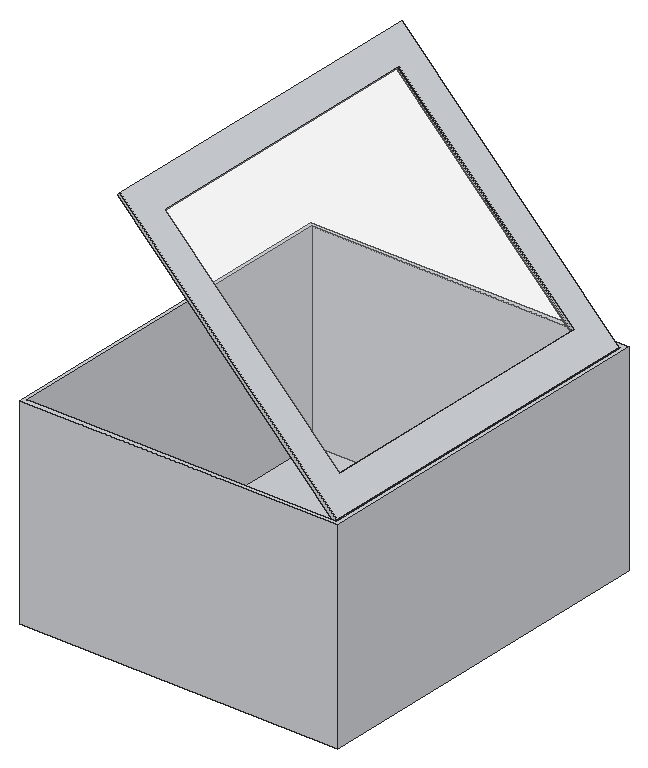
Revit family "Hager-Pedro-vuoto-IT-it", category Electrical Equipment, host Face, Revit 2020
Family settings
  Host = Face
  Panel Configuration = Two Columns, Circuits Across
  Round Connector Dimension = Use Diameter
  Part Type = Panelboard
  Cut with Voids When Loaded = No
  Shared = No
  Room Calculation Point = No
Parameters (values of type "A parete IP66 L264.7 A302.8 P167  Unità di divisione - B04621")
  Width Control [instance] = if([HG000006 - Ad incasso], if([EF000846 - larghezza di montaggio] > min_whd, [EF000846 - larghezza di montaggio], min_whd), if([EF000008 - Larghezza] > min_whd, ([EF000008 - Larghezza]), min_whd))  # 265 mm
  Void Depth [instance] = if([HG000006 - Ad incasso], Depth Control, 1 mm)  # 1 mm
  Type Comments = [HG000003 - Gamma]  # "Pedro"
  System Height [instance] = Height Control - 2 * [HG000005 - Spessore]  # 297 mm
  Model = [HG000004 - Codice produttore]  # "B04621"
  HG000017 - Distanza tra i poli = 18 mm
  HG000016 - Visibilità delle porte nella vista 3D [instance] = yes
  HG000015 - Visibilità attraverso la porta [instance] = no
  HG000014 - Porta destra [instance] = yes
  HG000013 - Porta sinistra [instance] = not([HG000014 - Porta destra])  # no
  HG000012 - Angolo di apertura della porta [instance] = 45.00°
  HG000011 - File vuote nella parte basse = no
  HG000010 - Porte asimmetriche = no
  HG000009 - Porta doppia a battente = no
  HG000008 - Numero di file vuote = 0
  HG000007 - Numero di colonne vuote = 0
  HG000006 - Ad incasso = no
  HG000005 - Spessore = 3 mm  # constant formula
  HG000004 - Codice produttore = "B04621"
  HG000003 - Gamma = "Pedro"
  HG000002 - Con porta = yes
  HG000001 - Numero di colonne = 0
  EF015941 - Segnale di passaggio porta = no
  EF015777 - Morsettiera neutra = no
  EF015776 - Morsettiera di terra = no
  EF009212 - esecuzione coperchio = "EV000116 - chiuso"
  EF006306 - con serratura = yes
  EF006244 - coperchio/porta trasparente = yes
  EF005474 - grado di protezione (IP) = "EV006422 - IP66"
  EF004462 - tipo di chiusura = "EV000154 - altri"
  EF002950 - Numero moduli DIN = 0
  EF001596 - Attacco Lampada = "EV000139 - plastica"
  EF001134 - barra DIN = no
  EF001131 - profondità interna = 137 mm
  EF001088 - possibilità di applicazione = yes
  EF001062 - esecuzione EMC = yes
  EF000846 - larghezza di montaggio = 0 mm
  EF000339 - tipo di copertura = "EV004216 - porta"
  EF000332 - Altezza della parte incassata = 0 mm
  EF000266 - numero di file = 0
  EF000218 - profondità di incasso = 0 mm
  EF000118 - con piastra di montaggio = no
  EF000116 - numero RAL = "7035"
  EF000049 - profondità = 167 mm
  EF000040 - Altezza = 303 mm
  EF000008 - Larghezza = 265 mm
  EF000007 - colore = "EV000270 - grigio"
  EF000003 - Tipo di montaggio = "EV000384 - A parete"
  Arrow Offset [instance] = Depth Control / 8  # 20.875 mm
  Arrow Height [instance] = Depth Control - Arrow Offset  # 146.125 mm
  Host Offset [instance] = if([HG000006 - Ad incasso], 0 mm, [EF000049 - profondità])  # 167 mm
  min_whd [instance] = (2 * [HG000005 - Spessore]) + 1 mm  # 7 mm
  Manufacturer = "Hager"  # constant formula
  Height Control [instance] = if([HG000006 - Ad incasso], if([EF000332 - Altezza della parte incassata] > min_whd, [EF000332 - Altezza della parte incassata], min_whd), if([EF000040 - Altezza] > min_whd, ([EF000040 - Altezza]), min_whd))  # 303 mm
  Flush Mounted - Door Frame Width [instance] = if(([EF000040 - Altezza] - [EF000332 - Altezza della parte incassata]) > 0 mm, if([HG000006 - Ad incasso], [EF000040 - Altezza] - [EF000332 - Altezza della parte incassata], 0 mm), 0 mm)  # 0 mm
  Depth Control [instance] = if([HG000006 - Ad incasso], if([EF000218 - profondità di incasso] > 0 mm, [EF000218 - profondità di incasso], 1 mm), if([EF000049 - profondità] > 0 mm, ([EF000049 - profondità]), 1 mm))  # 167 mm
  Default Elevation = 0 mm
Types (2, lengths in mm): name | Model | HG000004 - Codice produttore | EF006244 - coperchio/porta trasparente
  A parete IP66 L264.7 A302.8 P167  Unità di divisione - B04601 | "B04601" | "B04601" | no
  A parete IP66 L264.7 A302.8 P167  Unità di divisione - B04621 | "B04621" | "B04621" | yes
Reference planes
  plane 1 "Center (Front/Back)": y = 0
  plane 2: z = 0
  plane 3 "Center (Left/Right)": x = 0
  plane 4: z = 167
  plane 5: y = 3
  plane 6: z = 162
  plane 7: y = 151.5
  plane 8: y = 0
  plane 9: y = 303
  plane 10: z = 0
  plane 11: x = -132.5
  plane 12: x = 132.5
  plane 13: x = 129.5
  plane 14: x = -129.5
  plane 15: y = 300
  plane 16: z = 3
  plane 17: z = 164
  plane 18: z = -1
  plane 19: z = 164
Forms (mm)
  Extrusion 1, solid
    sketch origin (-583.045, 0, 1219.2) x (-1, 0, 0) y (0, 0, 1)
      loop
        line (-450.545, -1052.2) -> (-715.545, -1052.2) -> (-715.545, -1219.2) -> (-450.545, -1219.2) -> (-450.545, -1052.2)
    from 0 to 303 <- "Height Control"
  Extrusion 2, void
    sketch origin (-381.607, -4572, 167) x (0, -1, 0) y (-1, 0, 0)
      loop
        line (-4872, -252.107) -> (-4872, -511.107) -> (-4575, -511.107) -> (-4575, -252.107) -> (-4872, -252.107)
    from 0 to 164
  Extrusion 3, void
    sketch origin (0, 0, 0) x (1, 0, 0) y (0, 1, 0)
      loop
        line (-132.5, 0) -> (132.5, 0) -> (132.5, 303) -> (-132.5, 303) -> (-132.5, 0)
    from -1 to 1
  Extrusion 4, solid, detail levels coarse+medium
    sketch origin (-381.607, -4572, 167) x (-1, 0, 0) y (0, -1, 0)
      loop
        line (-252.107, -4872) -> (-252.107, -4575) -> (-511.107, -4575) -> (-511.107, -4872) -> (-252.107, -4872)
    from 0 to -3
Cuts and joins
  Extrusion 2 cuts Extrusion 1
Dimensions and locks
  plane 4 to plane 6 = 5 mm
  "Host Offset": plane 4 to host face
  "Flush Mounted - Door Frame Width": plane 1 "Center (Front/Back)" to plane 8
  "HG000005 - Spessore": plane 5 to plane 8
  locked: connector elem to plane 3 "Center (Left/Right)"
  "Height Control": plane 9 to plane 8
  equal spacing: plane 9, plane 7, plane 8
  locked: connector elem to plane 7
  "Depth Control": plane 4 to plane 10
  "HG000005 - Spessore": plane 11 to plane 14
  "HG000005 - Spessore": plane 12 to plane 13
  equal spacing: plane 11, plane 3 "Center (Left/Right)", plane 12
  "Width Control": plane 11 to plane 12
  "Arrow Offset": nested 4 to plane 10
  "HG000005 - Spessore": plane 9 to plane 15
  "HG000005 - Spessore": plane 16 to plane 10
  "HG000005 - Spessore": plane 4 to plane 17
  "Void Depth": plane 2 to plane 18
  "HG000005 - Spessore": plane 4 to plane 19
  aligned and locked: plane 2 to host face
  aligned and locked: level to host face
  aligned and locked: plane 3 "Center (Left/Right)" to nested 2
  aligned and locked: plane 4 to nested 2
  aligned and locked: plane 8 to nested 2
  aligned and locked: nested 1 to plane 6
  aligned and locked: plane 5 to nested 1
  aligned and locked: nested 4 to plane 11
  aligned and locked: nested 3 to plane 4
  aligned and locked: Extrusion 1 sketch curve to plane 12
  aligned and locked: Extrusion 1 sketch curve to plane 11
  aligned and locked: nested 3 to plane 10
  aligned and locked: plane 10 to Extrusion 1 sketch curve
  aligned and locked: plane 5 to Extrusion 2 sketch curve
  aligned and locked: Extrusion 2 sketch curve to plane 15
  aligned and locked: Extrusion 2 sketch curve to plane 14
  aligned and locked: Extrusion 2 sketch curve to plane 13
  aligned and locked: plane 11 to Extrusion 3 sketch curve
  aligned and locked: plane 9 to Extrusion 3 sketch curve
  aligned and locked: Extrusion 3 sketch curve to plane 8
  aligned and locked: plane 12 to Extrusion 3 sketch curve
  aligned and locked: nested 3 to plane 12
  aligned and locked: Extrusion 3 to plane 18
  aligned and locked: Extrusion 2 to plane 16
  aligned and locked: Extrusion 1 sketch curve to plane 4
  aligned and locked: Extrusion 4 to plane 17
  aligned and locked: Extrusion 4 sketch curve to plane 15
  aligned and locked: Extrusion 4 sketch curve to plane 13
  aligned and locked: Extrusion 4 sketch curve to plane 14
  aligned and locked: plane 5 to Extrusion 4 sketch curve
Automatic sketch dimensions
  host sketch curve to host sketch curve = 1469.727 mm
  host sketch curve to host sketch curve = 1434.803 mm
Nested families
  nested 1: "Hager_Enclosure_System" at (0, 3, 162) x (1, 0, 0) z (0, 1, 0), Depth <- "HG000005 - Spessore", Height <- "System Height", Width <- "EF000008 - Larghezza", Border <- "HG000005 - Spessore", Flush_Mounted <- "HG000006 - Ad incasso", Built-in_Width <- "EF000846 - larghezza di montaggio", Row_Module_Multiplicator <- "EF002950 - Numero moduli DIN", Total_No_Empty_Rows <- "HG000008 - Numero di file vuote", Total_No_Rows <- "EF000266 - numero di file", Empty_Columns <- "HG000007 - Numero di colonne vuote", Width_Control <- "Width Control", Empty_Rows_From_Bottom <- "HG000011 - File vuote nella parte basse", Distance_Between_Poles <- "HG000017 - Distanza tra i poli", Rows_Count <- "EF000266 - numero di file", Columns_Count <- "HG000001 - Numero di colonne", type "Hager_Enclosure_System", detail levels fine
    with Width_Control 265 mm, Width 265 mm, Total_No_Rows 0, Total_No_Empty_Rows 0, Total_No_Columns 1, System_Width 259 mm, Rows_Count 0, Rows_Column 0, Row_Module_Multiplicator 0, Panel_4 no, Panel_3 no, Panel_2 no, Panel_1 no, No_Panels_Ctrl 1, Hide_Columns yes, Height 297 mm, Flush_Mounted no, Empty_Rows_From_Bottom no, Empty_Rows_Column 0, Empty_Columns 0, Distance_Between_Poles 18 mm, Depth 3 mm, Columns_Count 0, Column_Width 259 mm, Built-in_Width 0 mm, Border 3 mm
  nested 2: "Hager_Enclosure_Door" at (0, 0, 167) x (1, 0, 0) z (0, 1, 0), Border <- "HG000005 - Spessore", Door_Right <- "HG000014 - Porta destra", Flush_Mounted <- "HG000006 - Ad incasso", Depth <- "EF000049 - profondità", Width <- "EF000008 - Larghezza", Door_Left <- "HG000013 - Porta sinistra", 3d_Door <- "HG000016 - Visibilità delle porte nella vista 3D", BuiltIn_Width <- "EF000846 - larghezza di montaggio", BuiltIn_Height <- "EF000332 - Altezza della parte incassata", BuiltIn_Depth <- "EF000218 - profondità di incasso", Angle <- "HG000012 - Angolo di apertura della porta", Assymetrical <- "HG000010 - Porte asimmetriche", Double <- "HG000009 - Porta doppia a battente", Clearance <- "HG000015 - Visibilità attraverso la porta", Transparent <- "EF006244 - coperchio/porta trasparente", Door <- "HG000002 - Con porta", Height_Ctrl <- "Height Control", Width_Ctrl <- "Width Control", Height <- "EF000040 - Altezza", type "Hager_Enclosure_Door", detail levels medium+fine
    with min_wh 7 mm, Width_Ctrl 265 mm, Width 265 mm, Transparent_Door_No_Bottom_Border no, Transparent yes, Leaf_Width 256 mm, Leaf_Tolerance 1.5 mm, Leaf_Height 294 mm, Leaf_2_Width 256 mm, Leaf_2_Offset 128 mm, Leaf_1_Width 256 mm, Leaf_1_Offset 128 mm, Height_Ctrl 303 mm, Height 303 mm, Frame_Width_Ctrl 265 mm, Frame_Width 265 mm, Frame_Internal_Offset 0 mm, Frame_Height_Ctrl 303 mm, Frame_Height 303 mm, Frame_Depth_Ctrl 1 mm, Frame_Depth 0 mm, Flush_Mounted no, Double_Clearance_Ctrl no, Double no, Door_Right_Ctrl yes, Door_Right yes, Door_Left_Ctrl no, Door_Left no, Door yes, Depth 167 mm, Clearance_Depth 256 mm, Clearance_Ctrl no, Clearance no, BuiltIn_Width 0 mm, BuiltIn_Height 0 mm, BuiltIn_Depth 0 mm, Border 3 mm, Assymetrical no, Angle 45.00°, 3d_Door yes
  nested 3: "Hager_Enclosure_Symbol_Triangle" at (-132.5, 0, 0) x (1, 0, 0) z (0, -1, 0), Depth <- "Depth Control", Width <- "Width Control", type "Hager_Enclosure_Symbol_Triangle"
    with Width_Ctrl 265 mm, Width 265 mm, Depth_Ctrl 167 mm, Depth 167 mm
  nested 4: "Hager_Enclosure_Symbol_Arrow" at (-132.5, 0, 20.875) x (1, 0, 0) z (0, -1, 0), Height <- "Arrow Height", type "Hager_Enclosure_Symbol_Arrow"
    with Width_Inside 10.959 mm, Width 131.513 mm, Height_Ctrl 146.125 mm, Height 146.125 mm
Connectors
  electrical at (0, 151.5, 0)
    settings: on plane 10, index 1, voltage 0 V, apparent load 0 VA, apparent load phase1 0 VA, apparent load phase2 0 VA, apparent load phase3 0 VA, power factor 1, load classification "Other", number of poles 1, system type 30, power factor state 1, is connector primary yes, connector utility no, sub classification motor no, connector description ""
Definition of nested family "Hager_Enclosure_Door"
  Parameters (values of type "Hager_Enclosure_Door")
    min_wh [instance] = (2 * Border) + 1 mm  # 11 mm
    Width_Ctrl [instance] = 400 mm
    Width [instance] = 500 mm
    Transparent_Door_No_Bottom_Border [instance] = no
    Transparent [instance] = yes
    Leaf_Width [instance] = if((Width_Ctrl - 2 * Border - 2 * Leaf_Tolerance) > 0 mm, (Width_Ctrl - 2 * Border - 2 * Leaf_Tolerance), min_wh)  # 387 mm
    Leaf_Tolerance [instance] = 1.5 mm  # constant formula
    Leaf_Height [instance] = if((Height_Ctrl - 2 * Border - 2 * Leaf_Tolerance) > 0 mm, (Height_Ctrl - 2 * Border - 2 * Leaf_Tolerance), min_wh)  # 387 mm
    Leaf_2_Width [instance] = if(and(and(Double, Assymetrical), Door_Left), (Leaf_Width / 3) - (Leaf_Tolerance / 2), if(and(and(Double, Assymetrical), Door_Right), (Leaf_Width / 3) * 2 - (Leaf_Tolerance / 2), if(and(Double, not(Assymetrical)), (Leaf_Width / 2) - Leaf_Tolerance, Leaf_Width)))  # 387 mm
    Leaf_2_Offset [instance] = if(and(Double, Assymetrical), Leaf_2_Width / 2, if(and(Double, not(Assymetrical)), Leaf_Width / 4, Leaf_Width / 2))  # 193.5 mm
    Leaf_1_Width [instance] = if(and(and(Double, Assymetrical), Door_Right), (Leaf_Width / 3) - (Leaf_Tolerance / 2), if(and(and(Double, Assymetrical), Door_Left), (Width / 3) * 2 - (Leaf_Tolerance / 2), if(and(Double, not(Assymetrical)), (Leaf_Width / 2) - Leaf_Tolerance, Leaf_Width)))  # 387 mm
    Leaf_1_Offset [instance] = if(and(Double, Assymetrical), Leaf_1_Width / 2, if(and(Double, not(Assymetrical)), Leaf_Width / 4, Leaf_Width / 2))  # 193.5 mm
    Height_Ctrl [instance] = 400 mm
    Height [instance] = 500 mm
    Frame_Width_Ctrl [instance] = if(Frame_Width > 0 mm, Frame_Width, 1 mm)  # 1 mm
    Frame_Width [instance] = Width - BuiltIn_Width  # 0 mm
    Frame_Internal_Offset [instance] = if(Flush_Mounted, Border, 0 mm)  # 5 mm
    Frame_Height_Ctrl [instance] = if(Frame_Height > 0 mm, Frame_Height, 1 mm)  # 1 mm
    Frame_Height [instance] = Height - BuiltIn_Height  # 0 mm
    Frame_Depth_Ctrl [instance] = if(Frame_Depth > 0 mm, Frame_Depth, 1 mm)  # 1 mm
    Frame_Depth [instance] = if(Depth - BuiltIn_Depth > 0 mm, if(Flush_Mounted, Depth - BuiltIn_Depth, 0 mm), 0 mm)  # 0 mm
    Flush_Mounted [instance] = yes
    Double_Clearance_Ctrl [instance] = and(Double, Clearance)  # no
    Double [instance] = no
    Door_Right_Ctrl [instance] = and(or(Door_Right, Double), Door)  # yes
    Door_Right [instance] = yes
    Door_Left_Ctrl [instance] = and(or(Door_Left, Double), Door)  # no
    Door_Left [instance] = no
    Door [instance] = yes
    Depth [instance] = 500 mm
    Default Elevation = 1219.2 mm
    Clearance_Material = none
    Clearance_Depth [instance] = if(Leaf_1_Width > Leaf_2_Width, Leaf_1_Width, Leaf_2_Width)  # 387 mm
    Clearance_Ctrl [instance] = and(not(Double), Clearance)  # yes
    Clearance [instance] = yes
    BuiltIn_Width [instance] = 500 mm
    BuiltIn_Height [instance] = 500 mm
    BuiltIn_Depth [instance] = 500 mm
    Border [instance] = 5 mm
    Assymetrical [instance] = yes
    Angle [instance] = 30.00°
    3d_Door [instance] = yes
  Reference planes
    plane 1 "Center (Front/Back)": y = 0
    plane 2 "Bottom": z = 0
    plane 3 "Center (Left/Right)": x = 0
    plane 4: z = 400
    plane 5: x = -200
    plane 6: x = 200
    plane 7: z = 395
    plane 8: x = -195
    plane 9: z = 5
    plane 10: x = 195
    plane 11: y = 0
    plane 12: z = 6.5
    plane 13: x = -582
    plane 14: y = -387
    plane 15: x = 582
    plane 16: x = 0
    plane 17: x = 0
    plane 18: x = -193.5
    plane 19: x = 193.5
    plane 20: z = 393.5
  Forms (mm)
    Extrusion 1, solid, visible <- "Flush_Mounted"
      sketch origin (0, 0, 0) x (1, 0, 0) y (0, 0, 1)
        loop
          line (195, 5) -> (195, 395) -> (-195, 395) -> (-195, 5) -> (195, 5)
        loop
          line (-201, 401) -> (-201, -1) -> (201, -1) -> (201, 401) -> (-201, 401)
      from 0 to 1 <- "Frame_Depth_Ctrl"
    Extrusion 2, solid, material <- "Clearance_Material", visible <- "Double_Clearance_Ctrl"
      sketch origin (1200, 0, 0) x (1, 0, 0) y (0, 0, -1)
        loop
          line (-1782, -393.5) -> (-618, -393.5) -> (-618, 0) -> (-1782, 0) -> (-1782, -393.5)
      from 0 to -387
  Dimensions and locks
    equal spacing: plane 5, plane 3 "Center (Left/Right)", plane 6
    "Width_Ctrl": plane 5 to plane 6
    "Border": plane 5 to plane 8
    "Border": plane 6 to plane 10
    "Border": plane 9 to level
    "Border": plane 4 to plane 7
    "Height_Ctrl": plane 4 to level
    "Leaf_Tolerance": plane 12 to plane 9
    "Frame_Depth": plane 11 to plane 1 "Center (Front/Back)"
    "Frame_Width_Ctrl": plane 5 to Extrusion 1 sketch curve
    "Frame_Width_Ctrl": plane 6 to Extrusion 1 sketch curve
    "Frame_Width_Ctrl": Extrusion 1 sketch curve to plane 4
    "Frame_Width_Ctrl": plane 2 "Bottom" to Extrusion 1 sketch curve
    "Leaf_1_Offset": plane 18 to plane 16
    "Leaf_2_Offset": plane 17 to plane 19
    "Leaf_1_Width": plane 13 to plane 8
    "Leaf_2_Width": plane 10 to plane 15
    "Clearance_Depth": plane 14 to plane 1 "Center (Front/Back)"
    "Leaf_Tolerance": plane 8 to plane 18
    "Leaf_Tolerance": plane 19 to plane 10
    "Leaf_Tolerance": plane 7 to plane 20
    "Frame_Internal_Offset": plane 5 to Extrusion 1 sketch curve
    "Frame_Internal_Offset": Extrusion 1 sketch curve to plane 2 "Bottom"
    "Frame_Internal_Offset": plane 6 to Extrusion 1 sketch curve
    "Frame_Internal_Offset": plane 4 to Extrusion 1 sketch curve
    aligned and locked: level to plane 2 "Bottom"
    aligned and locked: nested 1 to plane 16
    aligned and locked: nested 2 to plane 17
    aligned and locked: Extrusion 2 to plane 13
    aligned and locked: plane 15 to Extrusion 2
    aligned and locked: Extrusion 2 to plane 14
    aligned and locked: plane 12 to nested 1
    aligned and locked: nested 2 to plane 12
    aligned and locked: Extrusion 2 to plane 11
    aligned and locked: plane 20 to Extrusion 2
    aligned and locked: nested 2 to plane 11
    aligned and locked: nested 1 to plane 11
  Automatic sketch dimensions
    Extrusion 2 sketch curve to level = 0 mm
    plane 5 to Extrusion 2 sketch curve = 382 mm
    plane 6 to Extrusion 2 sketch curve = 382 mm
    Extrusion 2 sketch curve to plane 4 = 6.5 mm
  Nested families
    nested 1: "Hager_Enclosure_Door_Leaf" at (0, 0, 6.5), Width <- "Leaf_1_Width", visible <- "Door_Left_Ctrl", Leaf_Height <- "Leaf_Height", Angle <- "Angle", Depth <- "Border", 3d_Door <- "3d_Door", Transparent <- "Transparent", Clearance Material <- "Clearance_Material", Clearance <- "Clearance_Ctrl", Transparent_Door_No_Bottom_Border <- "Transparent_Door_No_Bottom_Border", type "Hager_Enclosure_Door_Leaf"
      with Width 387 mm, Transparent_Door_No_Bottom_Border no, Transparent_Door_Border_Bottom_Top 25 mm, Transparent_Door_Border 25 mm, Transparent_Ctrl yes, Transparent yes, Standard no, Leaf_Height 387 mm, Glass_Offset 1 mm, Depth 5 mm, Clearance Material none, Clearance yes, Angle_Ctrl 30.00°, Angle 30.00°, 3d_Door yes
    nested 2: "Hager_Enclosure_Door_Leaf" at (0, 0, 6.5) x (-1, 0, 0) z (0, 0, 1), Width <- "Leaf_2_Width", visible <- "Door_Right_Ctrl", Leaf_Height <- "Leaf_Height", Angle <- "Angle", Depth <- "Border", 3d_Door <- "3d_Door", Transparent <- "Transparent", Clearance Material <- "Clearance_Material", Clearance <- "Clearance_Ctrl", Transparent_Door_No_Bottom_Border <- "Transparent_Door_No_Bottom_Border", type "Hager_Enclosure_Door_Leaf"
      with Width 387 mm, Transparent_Door_No_Bottom_Border no, Transparent_Door_Border_Bottom_Top 25 mm, Transparent_Door_Border 25 mm, Transparent_Ctrl yes, Transparent yes, Standard no, Leaf_Height 387 mm, Glass_Offset 1 mm, Depth 5 mm, Clearance Material none, Clearance yes, Angle_Ctrl 30.00°, Angle 30.00°, 3d_Door yes
  Definition of nested family "Hager_Enclosure_Door_Leaf"
    Parameters (values of type "Hager_Enclosure_Door_Leaf")
      Width [instance] = 2000 mm
      Transparent_Door_No_Bottom_Border [instance] = yes
      Transparent_Door_Border_Bottom_Top [instance] = if(Transparent_Door_No_Bottom_Border, 0.1 mm, Transparent_Door_Border)  # 0.1 mm
      Transparent_Door_Border [instance] = if(Transparent_Door_No_Bottom_Border, (Width * 0.12), 25 mm)  # 240 mm
      Transparent_Ctrl [instance] = and(Transparent, [3d_Door])  # yes
      Transparent [instance] = yes
      Standard [instance] = and(not(Transparent), [3d_Door])  # no
      Leaf_Height [instance] = 2720.336 mm
      Glass_Offset [instance] = if((Depth - 10 mm) / 2 > 0 mm, (Depth - 10 mm) / 2, 1 mm)  # 15 mm
      Glass_Material = none
      Depth [instance] = 40 mm
      Default Elevation = 0 mm
      Clearance Material [instance] = none
      Clearance [instance] = yes
      Angle_Ctrl [instance] = if(Angle > 170.00°, 170.00°, Angle)  # 45.00°
      Angle [instance] = 45.00°
      3d_Door [instance] = yes
    Reference planes
      plane 1 "Center (Front/Back)": y = 0
      plane 2: z = 0
      plane 3 "Center (Left/Right)": x = 0
      plane 4: y = 2000
      plane 5: x = -1000
      plane 6: x = 1000
      plane 7: x = -3000
      plane 8: z = 2720.336
      plane 9: z = 0.1
      plane 10: z = 2720.236
      plane 11: x = 760
      plane 12: x = -760
    Forms (mm)
      Extrusion 1, solid, material <- "Clearance Material", visible <- "Clearance"
        sketch origin (0, 0, 0) x (1, 0, 0) y (0, 0, 1)
          loop
            line (-3000, 2720.336) -> (-3000, 0) -> (1000, 0) -> (1000, 2720.336) -> (-3000, 2720.336)
        from 0 to -2000
      Extrusion 2, solid, visible <- "Standard", detail levels medium+fine
        sketch origin (-1000, 0, 0) x (0.707107, 0.707107, 0) y (-0.707107, 0.707107, 0)
          loop
            line (0, -40) -> (2000, -40) -> (2000, 0) -> (0, 0) -> (0, -40)
        from 0 to 2720.336 <- "Leaf_Height"
      Extrusion 3, solid, visible <- "Transparent_Ctrl", detail levels medium+fine
        sketch origin (-1000, 0, 0) x (0.707107, 0.707107, 0) y (-0.707107, 0.707107, 0)
          loop
            line (0, -40) -> (2000, -40) -> (2000, 0) -> (0, 0) -> (0, -40)
        from 0 to 2720.336 <- "Leaf_Height"
      Extrusion 4, void, detail levels medium+fine
        sketch origin (-1000, 0, 0) x (-0.707107, 0.707107, 0) y (0.707107, 0.707107, 0)
          loop
            line (0, 240) -> (0, 1760) -> (-40, 1760) -> (-40, 240) -> (0, 240)
        from -2720.236 to -0.1
      Extrusion 5, solid, material <- "Glass_Material", visible <- "Transparent_Ctrl", detail levels medium+fine
        sketch origin (-1000, 0, 0) x (0.707107, 0.707107, 0) y (-0.707107, 0.707107, 0)
          loop
            line (240, -15) -> (240, -25) -> (1760, -25) -> (1760, -15) -> (240, -15)
        from 0.1 to 2720.236
    Cuts and joins
      Extrusion 4 cuts Extrusion 3
    Lines and regions (mm)
      symbolic lines
        curve 1: line (1000, 0, 0) -> (-3000, 0, 0)
        curve 2: arc (1000, 0, 0) -> (-1000, 2000, 0) -> (-3000, 0, 0) r 2000
        curve 4: line (-1000, 0, 0) -> (414.214, 1414.214, 0)
      reference lines
        curve 3: line (-1000, 0, 0) -> (414.214, 1414.214, 0)
      symbolic lines, detail levels medium+fine
        curve 5: line (414.214, 1414.214, 0) -> (442.498, 1385.929, 0)
        curve 6: line (442.498, 1385.929, 0) -> (-971.716, -28.284, 0)
        curve 7: line (-971.716, -28.284, 0) -> (-1000, 0, 0)
        curve 8: line (-1000, 0, 2720.336) -> (1000, 0, 2720.336)
        curve 9: line (-1000, 0, 0) -> (-1000, 0, 2720.336)
        curve 10: line (1000, 0, 0) -> (-1000, 0, 0)
        curve 11: line (1000, 0, 2720.336) -> (1000, 0, 0)
      symbolic lines, visible <- "Transparent_Ctrl", detail levels medium+fine
        curve 12: line (-760, 0, 2720.236) -> (760, 0, 2720.236)
        curve 13: line (-760, 0, 0.1) -> (-760, 0, 2720.236)
        curve 14: line (760, 0, 0.1) -> (-760, 0, 0.1)
        curve 15: line (760, 0, 2720.236) -> (760, 0, 0.1)
    Dimensions and locks
      "Width": plane 1 "Center (Front/Back)" to plane 4
      equal spacing: plane 5, plane 3 "Center (Left/Right)", plane 6
      "Width": plane 5 to plane 6
      "Width": plane 7 to plane 5
      "Leaf_Height": plane 8 to level
      "Depth": curve 6 to curve 3
      "Width": curve 5 to curve 3
      "Width": curve 3 to curve 3
      "Transparent_Door_Border": Extrusion 4 sketch curve to curve 7
      "Transparent_Door_Border": Extrusion 4 sketch curve to curve 5
      "Transparent_Door_Border_Bottom_Top": plane 8 to plane 10
      "Transparent_Door_Border_Bottom_Top": plane 9 to level
      "Glass_Offset": Extrusion 5 sketch curve to curve 4
      "Glass_Offset": Extrusion 5 sketch curve to curve 6
      "Transparent_Door_Border": Extrusion 5 sketch curve to curve 5
      "Transparent_Door_Border": Extrusion 5 sketch curve to curve 7
      "Transparent_Door_Border": plane 12 to plane 5
      "Transparent_Door_Border": plane 6 to plane 11
      "Angle_Ctrl": angle plane 1 "Center (Front/Back)" to curve 3
      aligned and locked: level to plane 2
      aligned and locked: Extrusion 1 to curve 1
      aligned and locked: plane 6 to Extrusion 1
      aligned and locked: Extrusion 1 to plane 1 "Center (Front/Back)"
      aligned and locked: plane 4 to Extrusion 1
      aligned and locked: plane 8 to Extrusion 1
      aligned and locked: curve 4 to curve 3
      aligned and locked: Extrusion 2 sketch curve to curve 7
      aligned and locked: Extrusion 2 sketch curve to curve 6
      aligned and locked: Extrusion 2 sketch curve to curve 5
      aligned and locked: Extrusion 2 sketch curve to curve 3
      aligned and locked: curve 7 to Extrusion 3 sketch curve
      aligned and locked: Extrusion 3 sketch curve to curve 4
      aligned and locked: Extrusion 3 sketch curve to curve 6
      aligned and locked: Extrusion 3 sketch curve to curve 5
      aligned and locked: curve 4 to Extrusion 4 sketch curve
      aligned and locked: curve 6 to Extrusion 4 sketch curve
      aligned and locked: Extrusion 4 to plane 9
      aligned and locked: Extrusion 4 to plane 10
      aligned and locked: Extrusion 5 to plane 9
      aligned and locked: Extrusion 5 to plane 10
      aligned and locked: curve 8 to plane 8
      aligned and locked: plane 5 to curve 9
      aligned and locked: plane 2 to curve 10
      aligned and locked: curve 11 to plane 6
      aligned and locked: plane 10 to curve 12
      aligned and locked: plane 12 to curve 13
      aligned and locked: curve 14 to plane 9
      aligned and locked: plane 11 to curve 15
    Automatic sketch dimensions
      plane 1 "Center (Front/Back)" to curve 2 = 0 mm
      curve 2 to plane 5 = 0 mm
      Extrusion 1 sketch curve to level = 0 mm
      Extrusion 1 sketch curve to plane 7 = 0 mm
      Extrusion 1 sketch curve to plane 6 = 0 mm
      Extrusion 1 sketch curve to plane 8 = 0 mm
      plane 1 "Center (Front/Back)" to curve 3 = 0 mm
      curve 3 to plane 5 = 0 mm
      curve 7 to curve 3 = 0 mm
Definition of nested family "Hager_Enclosure_Symbol_Triangle"
  Parameters (values of type "Hager_Enclosure_Symbol_Triangle")
    Width_Ctrl [instance] = if(Width > 1 mm, Width, 1 mm)  # 498 mm
    Width [instance] = 498 mm
    Depth_Ctrl [instance] = if(Depth > 1 mm, Depth, 1 mm)  # 72 mm
    Depth [instance] = 72 mm
  Reference planes
    plane 1 "Centre (avant/arrière)": y = 0
    plane 2: z = 0
    plane 3 "Centre (gauche/droite)": x = 0
  Lines and regions (mm)
    Filled region 1, type "Solid_Black", in view "Niveau de réf."
      outline origin (0, 0, 0) x (1, 0, 0) y (0, 1, 0)
        loop
          line (0, 0) -> (498, 0) -> (498, 72) -> (0, 0)
    reference lines, in view "Niveau de réf."
      curve 1: line (-206.153, 72, 0) -> (1083.258, 72, 0)
      curve 2: line (498, 405.456, 0) -> (498, -517.619, 0)
  Dimensions and locks
    "Depth_Ctrl": plane 1 "Centre (avant/arrière)" to curve 1
    "Width_Ctrl": plane 3 "Centre (gauche/droite)" to curve 2
    aligned and locked: curve 1 to Filled region 1 sketch curve
    aligned and locked: Filled region 1 sketch curve to plane 1 "Centre (avant/arrière)"
    aligned and locked: curve 2 to Filled region 1 sketch curve
    aligned and locked: plane 3 "Centre (gauche/droite)" to Filled region 1 sketch curve
    aligned and locked: plane 1 "Centre (avant/arrière)" to Filled region 1 sketch curve
  Automatic sketch dimensions
    curve 1 to plane 3 "Centre (gauche/droite)" = 206.153 mm
    curve 2 to curve 1 = 585.258 mm
    plane 1 "Centre (avant/arrière)" to curve 2 = 517.619 mm
    curve 2 to plane 1 "Centre (avant/arrière)" = 405.456 mm
Definition of nested family "Hager_Enclosure_Symbol_Arrow"
  Parameters (values of type "Hager_Enclosure_Symbol_Arrow")
    Width_Inside [instance] = if(Width / 12 > 2 mm, Width / 12, 2 mm)  # 4.987 mm
    Width [instance] = if(Height_Ctrl * 0.9 > 2 mm, Height_Ctrl * 0.9, 2 mm)  # 59.85 mm
    Height_Ctrl [instance] = if(Height > 2 mm, Height, 2 mm)  # 66.5 mm
    Height [instance] = 66.5 mm
  Reference planes
    plane 1 "Centre (avant/arrière)": y = 0
    plane 2: z = 0
    plane 3 "Centre (gauche/droite)": x = 0
    plane 4: x = 59.85
    plane 5: y = 28.263
    plane 6: y = 38.238
    plane 7: y = 66.5
    plane 8: x = 29.925
    plane 9: y = 33.25
  Lines and regions (mm)
    Filled region 1, type "Solid_Black", in view "Niveau de réf."
      outline origin (0, 0, 0) x (1, 0, 0) y (0, 1, 0)
        loop
          line (59.85, 66.5) -> (37.929, 52.827) -> (51.846, 41.935) -> (59.85, 66.5)
    detail lines, in view "Niveau de réf."
      curve 1: line (0, 0, 0) -> (29.925, 38.238, 0)
      curve 2: line (29.925, 38.238, 0) -> (29.925, 28.263, 0)
      curve 3: line (29.925, 28.263, 0) -> (59.85, 66.5, 0)
  Dimensions and locks
    "Width": plane 3 "Centre (gauche/droite)" to plane 4
    "Height_Ctrl": plane 7 to plane 1 "Centre (avant/arrière)"
    equal spacing: plane 3 "Centre (gauche/droite)", plane 8, plane 4
    equal spacing: plane 7, plane 9, plane 1 "Centre (avant/arrière)"
    equal spacing: plane 6, plane 9, plane 5
    "Width_Inside": plane 6 to plane 9
    equal spacing: curve 3, Filled region 1 sketch curve, Filled region 1 sketch curve
    angle Filled region 1 sketch curve to curve 3 = 20.00°
    angle curve 3 to Filled region 1 sketch curve = 20.00°
    locked: curve 3 to Filled region 1 sketch curve (angle 90.00°)
  Automatic sketch dimensions
    plane 1 "Centre (avant/arrière)" to curve 1 = 0 mm
    curve 1 to plane 3 "Centre (gauche/droite)" = 0 mm
    curve 2 to plane 6 = 0 mm
    curve 3 to plane 8 = 0 mm
    curve 3 to plane 4 = 0 mm
    curve 2 to plane 5 = 0 mm
    curve 3 to plane 7 = 0 mm
    Filled region 1 sketch curve to plane 4 = 0 mm
    Filled region 1 sketch curve to plane 7 = 0 mm
